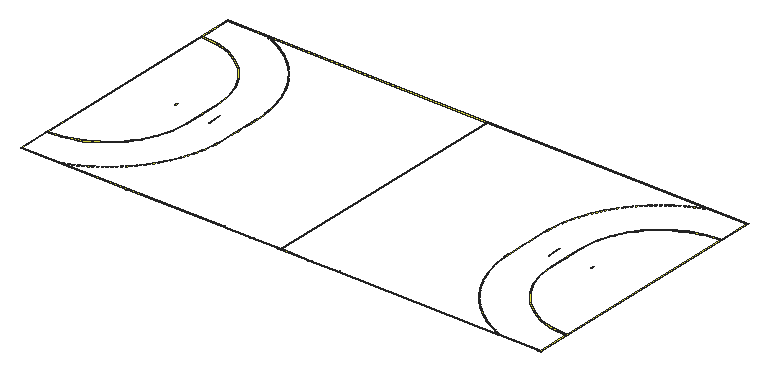
Revit family "Handboll", category Generic Models, Revit 2019
Family settings
  Can host rebar = No
  Round Connector Dimension = Use Diameter
  Part Type = Normal
  Work Plane-Based = No
  Always vertical = Yes
  Cut with Voids When Loaded = No
  Shared = No
  Room Calculation Point = No
Parameters
  URL = "www.saxi.se"
  Model = "Linjering Handboll"
  Manufacturer = "Saxi Vägg AB"
Reference planes
  plane 1 "Center (Front/Back)": y = 0
  plane 2: z = 0
  plane 3 "Center (Left/Right)": x = 0
Forms (mm)
  Extrusion 1, solid, material "handboll_linjering"
    sketch origin (-8.868, 0, 0) x (1, 0, 0) y (0, 1, 0)
      loop
        line (-20041.132, 10000) -> (-20041.132, -10000) -> (-19991.132, -10000) -> (-11760.704, -10000) -> (-2239.232, -10000) -> (-16.132, -10000) -> (33.868, -10000) -> (2256.968, -10000) -> (20008.868, -10000) -> (20058.868, -10000) -> (20058.868, 10000) -> (8.868, 10000) -> (-20041.132, 10000)
      loop
        line (-19991.132, 9950) -> (-19991.132, 7499.792)
        arc (-19991.132, 7499.792) -> (-15780.85, 5724.926) -> (-14041.132, 1500) r 6000
        line (-14041.132, 1500) -> (-14041.132, 0) -> (-14041.132, -1500)
        arc (-14041.132, -1500) -> (-15780.85, -5724.926) -> (-19991.132, -7499.792) r 6000
        line (-19991.132, -7499.792) -> (-19991.132, -9950) -> (-16814.024, -9950) -> (-16835.276, -9906.135)
        arc (-16835.276, -9906.135) -> (-16767.2, -9879.698) -> (-16699.342, -9852.707) r 8950
        line (-16699.342, -9852.707) -> (-16676.61, -9897.454)
        arc (-16676.61, -9897.454) -> (-16743.217, -9923.993) -> (-16810.033, -9950) r 9000
        line (-16810.033, -9950) -> (-11760.704, -9950) -> (-4466.132, -9950) -> (-4466.132, -9850) -> (-4416.132, -9850) -> (-4416.132, -9950) -> (-2239.232, -9950) -> (-16.132, -9950) -> (-16.132, 9950) -> (-19991.132, 9950)
      loop
        line (20008.868, 9950) -> (33.868, 9950) -> (33.868, -9950) -> (2256.968, -9950) -> (4433.868, -9950) -> (4433.868, -9850) -> (4483.868, -9850) -> (4483.868, -9950) -> (16827.769, -9950)
        arc (16827.769, -9950) -> (16760.953, -9923.993) -> (16694.347, -9897.454) r 9000
        line (16694.347, -9897.454) -> (16717.078, -9852.707)
        arc (16717.078, -9852.707) -> (16784.936, -9879.698) -> (16853.012, -9906.135) r 8950
        line (16853.012, -9906.135) -> (16831.76, -9950) -> (20008.868, -9950) -> (20008.868, -7499.792)
        arc (20008.868, -7499.792) -> (15798.587, -5724.926) -> (14058.868, -1500) r 6000
        line (14058.868, -1500) -> (14058.868, 0) -> (14058.868, 1500)
        arc (14058.868, 1500) -> (15798.587, 5724.926) -> (20008.868, 7499.792) r 6000
        line (20008.868, 7499.792) -> (20008.868, 9950)
      loop
        arc (20008.868, 7449.79) -> (15833.942, 5689.57) -> (14108.868, 1500) r 5950
        line (14108.868, 1500) -> (14108.868, 0) -> (14108.868, -1500)
        arc (14108.868, -1500) -> (15833.942, -5689.57) -> (20008.868, -7449.79) r 5950
        line (20008.868, -7449.79) -> (20008.868, 7449.79)
      loop
        line (16058.868, 75) -> (16008.868, 75) -> (16008.868, -75) -> (16058.868, -75) -> (16058.868, -25) -> (16058.868, 0) -> (16058.868, 75)
      loop
        line (13058.868, 500) -> (13058.868, 0) -> (13058.868, -500) -> (13108.868, -500) -> (13108.868, 500) -> (13058.868, 500)
      loop
        line (16853.012, 9856.135) -> (16831.134, 9901.293)
        arc (16831.134, 9901.293) -> (16762.63, 9874.653) -> (16694.347, 9847.454) r 9000
        line (16694.347, 9847.454) -> (16717.078, 9802.707)
        arc (16717.078, 9802.707) -> (16784.936, 9829.698) -> (16853.012, 9856.135) r 8950
      loop
        line (16581.842, 9746.987) -> (16558.355, 9791.345)
        arc (16558.355, 9791.345) -> (16489.27, 9761.838) -> (16420.433, 9731.755) r 9000
        line (16420.433, 9731.755) -> (16440.647, 9686.023)
        arc (16440.647, 9686.023) -> (16511.113, 9716.808) -> (16581.842, 9746.987) r 8950
      loop
        line (16303.04, 9623.808) -> (16280.548, 9668.494)
        arc (16280.548, 9668.494) -> (16208.371, 9634.72) -> (16136.496, 9600.308) r 9000
        line (16136.496, 9600.308) -> (16156.768, 9554.571)
        arc (16156.768, 9554.571) -> (16229.748, 9589.52) -> (16303.04, 9623.808) r 8950
      loop
        line (16023.053, 9488.41) -> (16002.601, 9534.096)
        arc (16002.601, 9534.096) -> (15933.956, 9499.068) -> (15865.613, 9463.455) r 9000
        line (15865.613, 9463.455) -> (15885.262, 9417.292)
        arc (15885.262, 9417.292) -> (15954.004, 9453.149) -> (16023.053, 9488.41) r 8950
      loop
        line (15757.056, 9348.37) -> (15736.56, 9394.153)
        arc (15736.56, 9394.153) -> (15672.684, 9358.841) -> (15609.097, 9323.013) r 9000
        line (15609.097, 9323.013) -> (15630.468, 9277.646)
        arc (15630.468, 9277.646) -> (15693.619, 9313.264) -> (15757.056, 9348.37) r 8950
      loop
        line (15508.469, 9206.904) -> (15485.656, 9251.499)
        arc (15485.656, 9251.499) -> (15421.288, 9213.161) -> (15357.242, 9174.289) r 9000
        line (15357.242, 9174.289) -> (15380.174, 9129.7)
        arc (15380.174, 9129.7) -> (15444.16, 9168.57) -> (15508.469, 9206.904) r 8950
      loop
        line (15265.041, 9057.891) -> (15239.961, 9101.193)
        arc (15239.961, 9101.193) -> (15174.474, 9059.279) -> (15109.352, 9016.801) r 9000
        line (15109.352, 9016.801) -> (15133.493, 8972.83)
        arc (15133.493, 8972.83) -> (15199.081, 9015.648) -> (15265.041, 9057.891) r 8950
      loop
        line (15018.501, 8895.756) -> (14990.343, 8937.073)
        arc (14990.343, 8937.073) -> (14929.769, 8895.427) -> (14869.538, 8853.289) r 9000
        line (14869.538, 8853.289) -> (14895.51, 8810.419)
        arc (14895.51, 8810.419) -> (14956.827, 8853.344) -> (15018.501, 8895.756) r 8950
      loop
        line (14784.808, 8730.961) -> (14756.901, 8772.492)
        arc (14756.901, 8772.492) -> (14700.782, 8731.246) -> (14644.985, 8689.566) r 9000
        line (14644.985, 8689.566) -> (14674.693, 8649.347)
        arc (14674.693, 8649.347) -> (14729.595, 8690.365) -> (14784.808, 8730.961) r 8950
      loop
        line (14559.88, 8561.418) -> (14529.434, 8601.081)
        arc (14529.434, 8601.081) -> (14472.757, 8556.583) -> (14416.438, 8511.632) r 9000
        line (14416.438, 8511.632) -> (14447.785, 8472.679)
        arc (14447.785, 8472.679) -> (14503.655, 8517.272) -> (14559.88, 8561.418) r 8950
      loop
        line (14333.728, 8379.336) -> (14301.998, 8417.98)
        arc (14301.998, 8417.98) -> (14244.252, 8369.515) -> (14186.913, 8320.568) r 9000
        line (14186.913, 8320.568) -> (14218.533, 8281.812)
        arc (14218.533, 8281.812) -> (14275.925, 8330.817) -> (14333.728, 8379.336) r 8950
      loop
        line (14111.232, 8187.909) -> (14078.005, 8225.271)
        arc (14078.005, 8225.271) -> (14024.77, 8177.549) -> (13971.916, 8129.406) r 9000
        line (13971.916, 8129.406) -> (14005.38, 8092.251)
        arc (14005.38, 8092.251) -> (14058.115, 8140.291) -> (14111.232, 8187.909) r 8950
      loop
        arc (13862.212, 8026.978) -> (13809.51, 7976.536) -> (13757.218, 7925.668) r 9000
        line (13757.218, 7925.668) -> (13791.275, 7889.035)
        arc (13791.275, 7889.035) -> (13843.271, 7939.631) -> (13895.676, 7989.804) r 8950
        line (13895.676, 7989.804) -> (13862.212, 8026.978)
      loop
        arc (13653.899, 7822.687) -> (13602.563, 7770.257) -> (13551.657, 7717.411) r 9000
        line (13551.657, 7717.411) -> (13586.742, 7681.754)
        arc (13586.742, 7681.754) -> (13637.425, 7734.386) -> (13688.537, 7786.603) r 8950
        line (13688.537, 7786.603) -> (13653.899, 7822.687)
      loop
        arc (13454.505, 7614.113) -> (13406.336, 7561.668) -> (13358.585, 7508.843) r 9000
        line (13358.585, 7508.843) -> (13395.641, 7475.274)
        arc (13395.641, 7475.274) -> (13442.935, 7527.597) -> (13490.639, 7579.545) r 8950
        line (13490.639, 7579.545) -> (13454.505, 7614.113)
      loop
        line (13298.933, 7365.643) -> (13261.498, 7398.792)
        arc (13261.498, 7398.792) -> (13215.322, 7345.158) -> (13169.57, 7291.163) r 9000
        line (13169.57, 7291.163) -> (13207.959, 7259.127)
        arc (13207.959, 7259.127) -> (13253.238, 7312.563) -> (13298.933, 7365.643) r 8950
      loop
        arc (13075.346, 7177.184) -> (13029.437, 7120.24) -> (12983.993, 7062.925) r 9000
        line (12983.993, 7062.925) -> (13023.298, 7032.02)
        arc (13023.298, 7032.02) -> (13068.403, 7088.909) -> (13113.969, 7145.429) r 8950
        line (13113.969, 7145.429) -> (13075.346, 7177.184)
      loop
        arc (12894.421, 6947.081) -> (12851.479, 6890.134) -> (12808.99, 6832.847) r 9000
        line (12808.99, 6832.847) -> (12849.121, 6803.022)
        arc (12849.121, 6803.022) -> (12891.245, 6859.82) -> (12933.816, 6916.284) r 8950
        line (12933.816, 6916.284) -> (12894.421, 6947.081)
      loop
        arc (12724.884, 6716.577) -> (12687.608, 6663.77) -> (12650.713, 6610.698) r 9000
        line (12650.713, 6610.698) -> (12693.431, 6584.569)
        arc (12693.431, 6584.569) -> (12729.349, 6636.209) -> (12765.628, 6687.596) r 8950
        line (12765.628, 6687.596) -> (12724.884, 6716.577)
      loop
        arc (12573.264, 6496.572) -> (12535.833, 6440.034) -> (12498.829, 6383.216) r 9000
        line (12498.829, 6383.216) -> (12543.773, 6360.642)
        arc (12543.773, 6360.642) -> (12579.116, 6414.856) -> (12614.851, 6468.814) r 8950
        line (12614.851, 6468.814) -> (12573.264, 6496.572)
      loop
        arc (12425.694, 6268.087) -> (12390.651, 6211.523) -> (12356.027, 6154.701) r 9000
        line (12356.027, 6154.701) -> (12403.219, 6136.111)
        arc (12403.219, 6136.111) -> (12435.477, 6188.966) -> (12468.1, 6241.597) r 8950
        line (12468.1, 6241.597) -> (12425.694, 6268.087)
      loop
        arc (12287.512, 6039.385) -> (12252.285, 5978.533) -> (12217.534, 5917.407) r 9000
        line (12217.534, 5917.407) -> (12266.198, 5901.908)
        arc (12266.198, 5901.908) -> (12300.704, 5962.443) -> (12335.681, 6022.707) r 8950
        line (12335.681, 6022.707) -> (12287.512, 6039.385)
      loop
        arc (12147.996, 5791.631) -> (12114.919, 5730.091) -> (12082.321, 5668.297) r 9000
        line (12082.321, 5668.297) -> (12131.598, 5654.623)
        arc (12131.598, 5654.623) -> (12163.993, 5715.856) -> (12196.86, 5776.836) r 8950
        line (12196.86, 5776.836) -> (12147.996, 5791.631)
      loop
        arc (12020.749, 5548.289) -> (11986.669, 5479.899) -> (11953.17, 5411.223) r 9000
        line (11953.17, 5411.223) -> (12002.728, 5398.859)
        arc (12002.728, 5398.859) -> (12036.507, 5467.899) -> (12070.878, 5536.646) r 8950
        line (12070.878, 5536.646) -> (12020.749, 5548.289)
      loop
        arc (11887.518, 5272.14) -> (11856.378, 5203.938) -> (11825.807, 5135.479) r 9000
        line (11825.807, 5135.479) -> (11875.197, 5123.537)
        arc (11875.197, 5123.537) -> (11905.891, 5192.081) -> (11937.159, 5260.365) r 8950
        line (11937.159, 5260.365) -> (11887.518, 5272.14)
      loop
        arc (11762.756, 4989.201) -> (11734.058, 4920.166) -> (11705.935, 4850.896) r 9000
        line (11705.935, 4850.896) -> (11755.252, 4839.531)
        arc (11755.252, 4839.531) -> (11781.793, 4904.779) -> (11808.846, 4969.816) r 8950
        line (11808.846, 4969.816) -> (11762.756, 4989.201)
      loop
        arc (11652.092, 4713.428) -> (11626.127, 4644.659) -> (11600.725, 4575.68) r 9000
        line (11600.725, 4575.68) -> (11649.77, 4564.241)
        arc (11649.77, 4564.241) -> (11674.026, 4630.004) -> (11698.797, 4695.575) r 8950
        line (11698.797, 4695.575) -> (11652.092, 4713.428)
      loop
        arc (11548.936, 4429.344) -> (11524.972, 4358.78) -> (11501.594, 4288.019) r 9000
        line (11501.594, 4288.019) -> (11550.605, 4277.042)
        arc (11550.605, 4277.042) -> (11574.031, 4347.814) -> (11598.046, 4418.388) r 8950
        line (11598.046, 4418.388) -> (11548.936, 4429.344)
      loop
        arc (11452.952, 4134.046) -> (11431.509, 4062.942) -> (11410.654, 3991.664) r 9000
        line (11410.654, 3991.664) -> (11459.83, 3981.742)
        arc (11459.83, 3981.742) -> (11480.721, 4053.015) -> (11502.202, 4124.112) r 8950
        line (11502.202, 4124.112) -> (11452.952, 4134.046)
      loop
        line (11417.297, 3829.322) -> (11369.02, 3842.335)
        arc (11369.02, 3842.335) -> (11350.136, 3771.121) -> (11331.837, 3699.754) r 9000
        line (11331.837, 3699.754) -> (11381.002, 3690.238)
        arc (11381.002, 3690.238) -> (11398.87, 3759.852) -> (11417.297, 3829.322) r 8950
      loop
        arc (11295.305, 3549.38) -> (11278.848, 3477.686) -> (11262.977, 3405.86) r 9000
        line (11262.977, 3405.86) -> (11312.202, 3396.928)
        arc (11312.202, 3396.928) -> (11327.812, 3467.525) -> (11343.991, 3537.994) r 8950
        line (11343.991, 3537.994) -> (11295.305, 3549.38)
      loop
        line (11279.755, 3240.594) -> (11230.363, 3248.571)
        arc (11230.363, 3248.571) -> (11216.069, 3174.785) -> (11202.392, 3100.883) r 9000
        line (11202.392, 3100.883) -> (11251.735, 3092.766)
        arc (11251.735, 3092.766) -> (11265.434, 3166.739) -> (11279.755, 3240.594) r 8950
      loop
        arc (11174.658, 2939.028) -> (11162.837, 2864.045) -> (11151.648, 2788.965) r 9000
        line (11151.648, 2788.965) -> (11201.134, 2781.816)
        arc (11201.134, 2781.816) -> (11212.355, 2857.094) -> (11224.215, 2932.273) r 8950
        line (11224.215, 2932.273) -> (11174.658, 2939.028)
      loop
        arc (11129.613, 2626.234) -> (11120.763, 2553.699) -> (11112.503, 2481.096) r 9000
        line (11112.503, 2481.096) -> (11162.222, 2475.803)
        arc (11162.222, 2475.803) -> (11170.467, 2548.244) -> (11179.301, 2620.615) r 8950
        line (11179.301, 2620.615) -> (11129.613, 2626.234)
      loop
        arc (11095.797, 2314.467) -> (11089.472, 2241.576) -> (11083.74, 2168.637) r 9000
        line (11083.74, 2168.637) -> (11133.697, 2166.19)
        arc (11133.697, 2166.19) -> (11139.408, 2238.733) -> (11145.709, 2311.227) r 8950
        line (11145.709, 2311.227) -> (11095.797, 2314.467)
      loop
        arc (11073.493, 2012.868) -> (11069.768, 1942.812) -> (11066.59, 1872.729) r 9000
        line (11066.59, 1872.729) -> (11116.633, 1872.729)
        arc (11116.633, 1872.729) -> (11119.759, 1941.387) -> (11123.412, 2010.019) r 8950
        line (11123.412, 2010.019) -> (11073.493, 2012.868)
      loop
        arc (11061.681, 1725) -> (11060.118, 1650.005) -> (11059.181, 1575) r 9000
        line (11059.181, 1575) -> (11109.183, 1575)
        arc (11109.183, 1575) -> (11110.125, 1650.005) -> (11111.697, 1725) r 8950
        line (11111.697, 1725) -> (11061.681, 1725)
      loop
        line (11058.868, 1425) -> (11058.868, 1275) -> (11108.868, 1275) -> (11108.868, 1425) -> (11058.868, 1425)
      loop
        line (11058.868, 1125) -> (11058.868, 975) -> (11108.868, 975) -> (11108.868, 1125) -> (11058.868, 1125)
      loop
        line (11108.868, 675) -> (11108.868, 825) -> (11058.868, 825) -> (11058.868, 675) -> (11108.868, 675)
      loop
        line (11058.868, 525) -> (11058.868, 375) -> (11108.868, 375) -> (11108.868, 525) -> (11058.868, 525)
      loop
        line (11058.868, 225) -> (11058.868, 75) -> (11108.868, 75) -> (11108.868, 225) -> (11058.868, 225)
      loop
        line (11058.868, -125) -> (11058.868, -275) -> (11108.868, -275) -> (11108.868, -125) -> (11058.868, -125)
      loop
        line (11058.868, -425) -> (11058.868, -575) -> (11108.868, -575) -> (11108.868, -425) -> (11058.868, -425)
      loop
        line (11058.868, -725) -> (11058.868, -875) -> (11108.868, -875) -> (11108.868, -725) -> (11058.868, -725)
      loop
        line (11108.868, -1025) -> (11058.868, -1025) -> (11058.868, -1175) -> (11108.868, -1175) -> (11108.868, -1025)
      loop
        line (11058.868, -1325) -> (11058.868, -1475) -> (11108.868, -1475) -> (11108.868, -1325) -> (11058.868, -1325)
      loop
        arc (11059.181, -1625) -> (11060.118, -1700.005) -> (11061.681, -1775) r 9000
        line (11061.681, -1775) -> (11111.697, -1775)
        arc (11111.697, -1775) -> (11110.125, -1700.005) -> (11109.183, -1625) r 8950
        line (11109.183, -1625) -> (11059.181, -1625)
      loop
        arc (11066.59, -1922.729) -> (11069.768, -1992.812) -> (11073.493, -2062.868) r 9000
        line (11073.493, -2062.868) -> (11123.412, -2060.019)
        arc (11123.412, -2060.019) -> (11119.759, -1991.387) -> (11116.633, -1922.729) r 8950
        line (11116.633, -1922.729) -> (11066.59, -1922.729)
      loop
        arc (11083.74, -2218.637) -> (11089.472, -2291.576) -> (11095.797, -2364.467) r 9000
        line (11095.797, -2364.467) -> (11145.709, -2361.227)
        arc (11145.709, -2361.227) -> (11139.408, -2288.733) -> (11133.697, -2216.19) r 8950
        line (11133.697, -2216.19) -> (11083.74, -2218.637)
      loop
        arc (11112.503, -2531.096) -> (11120.763, -2603.699) -> (11129.613, -2676.234) r 9000
        line (11129.613, -2676.234) -> (11179.301, -2670.615)
        arc (11179.301, -2670.615) -> (11170.467, -2598.244) -> (11162.222, -2525.803) r 8950
        line (11162.222, -2525.803) -> (11112.503, -2531.096)
      loop
        arc (11151.648, -2838.965) -> (11162.837, -2914.045) -> (11174.658, -2989.028) r 9000
        line (11174.658, -2989.028) -> (11224.215, -2982.273)
        arc (11224.215, -2982.273) -> (11212.355, -2907.094) -> (11201.134, -2831.816) r 8950
        line (11201.134, -2831.816) -> (11151.648, -2838.965)
      loop
        arc (11202.392, -3150.883) -> (11216.069, -3224.785) -> (11230.363, -3298.571) r 9000
        line (11230.363, -3298.571) -> (11279.755, -3290.594)
        arc (11279.755, -3290.594) -> (11265.434, -3216.739) -> (11251.735, -3142.766) r 8950
        line (11251.735, -3142.766) -> (11202.392, -3150.883)
      loop
        line (11312.202, -3446.928) -> (11262.977, -3455.86)
        arc (11262.977, -3455.86) -> (11278.848, -3527.686) -> (11295.305, -3599.38) r 9000
        line (11295.305, -3599.38) -> (11343.991, -3587.994)
        arc (11343.991, -3587.994) -> (11327.812, -3517.525) -> (11312.202, -3446.928) r 8950
      loop
        line (11381.002, -3740.238) -> (11331.837, -3749.754)
        arc (11331.837, -3749.754) -> (11350.136, -3821.121) -> (11369.02, -3892.335) r 9000
        line (11369.02, -3892.335) -> (11417.297, -3879.322)
        arc (11417.297, -3879.322) -> (11398.87, -3809.852) -> (11381.002, -3740.238) r 8950
      loop
        arc (11410.654, -4041.664) -> (11431.509, -4112.942) -> (11452.952, -4184.046) r 9000
        line (11452.952, -4184.046) -> (11502.202, -4174.112)
        arc (11502.202, -4174.112) -> (11480.721, -4103.015) -> (11459.83, -4031.742) r 8950
        line (11459.83, -4031.742) -> (11410.654, -4041.664)
      loop
        arc (11501.594, -4338.019) -> (11524.972, -4408.78) -> (11548.936, -4479.344) r 9000
        line (11548.936, -4479.344) -> (11598.046, -4468.388)
        arc (11598.046, -4468.388) -> (11574.031, -4397.814) -> (11550.605, -4327.042) r 8950
        line (11550.605, -4327.042) -> (11501.594, -4338.019)
      loop
        arc (11600.725, -4625.68) -> (11626.127, -4694.659) -> (11652.092, -4763.428) r 9000
        line (11652.092, -4763.428) -> (11698.797, -4745.575)
        arc (11698.797, -4745.575) -> (11674.026, -4680.004) -> (11649.77, -4614.241) r 8950
        line (11649.77, -4614.241) -> (11600.725, -4625.68)
      loop
        arc (11705.935, -4900.896) -> (11734.058, -4970.166) -> (11762.756, -5039.201) r 9000
        line (11762.756, -5039.201) -> (11808.846, -5019.816)
        arc (11808.846, -5019.816) -> (11781.793, -4954.779) -> (11755.252, -4889.531) r 8950
        line (11755.252, -4889.531) -> (11705.935, -4900.896)
      loop
        arc (11825.807, -5185.479) -> (11856.378, -5253.938) -> (11887.518, -5322.14) r 9000
        line (11887.518, -5322.14) -> (11937.159, -5310.365)
        arc (11937.159, -5310.365) -> (11905.891, -5242.081) -> (11875.197, -5173.537) r 8950
        line (11875.197, -5173.537) -> (11825.807, -5185.479)
      loop
        arc (11953.17, -5461.223) -> (11986.669, -5529.899) -> (12020.749, -5598.289) r 9000
        line (12020.749, -5598.289) -> (12070.878, -5586.646)
        arc (12070.878, -5586.646) -> (12036.507, -5517.899) -> (12002.728, -5448.859) r 8950
        line (12002.728, -5448.859) -> (11953.17, -5461.223)
      loop
        arc (12082.321, -5718.297) -> (12114.919, -5780.091) -> (12147.996, -5841.631) r 9000
        line (12147.996, -5841.631) -> (12196.86, -5826.836)
        arc (12196.86, -5826.836) -> (12163.993, -5765.856) -> (12131.598, -5704.623) r 8950
        line (12131.598, -5704.623) -> (12082.321, -5718.297)
      loop
        arc (12217.534, -5967.407) -> (12252.285, -6028.533) -> (12287.512, -6089.385) r 9000
        line (12287.512, -6089.385) -> (12335.681, -6072.707)
        arc (12335.681, -6072.707) -> (12300.704, -6012.443) -> (12266.198, -5951.908) r 8950
        line (12266.198, -5951.908) -> (12217.534, -5967.407)
      loop
        arc (12356.027, -6204.701) -> (12390.651, -6261.523) -> (12425.694, -6318.087) r 9000
        line (12425.694, -6318.087) -> (12468.1, -6291.597)
        arc (12468.1, -6291.597) -> (12435.477, -6238.966) -> (12403.219, -6186.111) r 8950
        line (12403.219, -6186.111) -> (12356.027, -6204.701)
      loop
        arc (12498.829, -6433.216) -> (12535.833, -6490.034) -> (12573.264, -6546.572) r 9000
        line (12573.264, -6546.572) -> (12614.851, -6518.814)
        arc (12614.851, -6518.814) -> (12579.116, -6464.856) -> (12543.773, -6410.642) r 8950
        line (12543.773, -6410.642) -> (12498.829, -6433.216)
      loop
        arc (12650.713, -6660.698) -> (12687.608, -6713.77) -> (12724.884, -6766.577) r 9000
        line (12724.884, -6766.577) -> (12765.628, -6737.596)
        arc (12765.628, -6737.596) -> (12729.349, -6686.209) -> (12693.431, -6634.569) r 8950
        line (12693.431, -6634.569) -> (12650.713, -6660.698)
      loop
        arc (12808.99, -6882.847) -> (12851.479, -6940.134) -> (12894.421, -6997.081) r 9000
        line (12894.421, -6997.081) -> (12933.816, -6966.284)
        arc (12933.816, -6966.284) -> (12891.245, -6909.82) -> (12849.121, -6853.022) r 8950
        line (12849.121, -6853.022) -> (12808.99, -6882.847)
      loop
        arc (12983.993, -7112.925) -> (13029.437, -7170.24) -> (13075.346, -7227.184) r 9000
        line (13075.346, -7227.184) -> (13113.969, -7195.429)
        arc (13113.969, -7195.429) -> (13068.403, -7138.909) -> (13023.298, -7082.02) r 8950
        line (13023.298, -7082.02) -> (12983.993, -7112.925)
      loop
        arc (13169.57, -7341.163) -> (13215.322, -7395.158) -> (13261.498, -7448.792) r 9000
        line (13261.498, -7448.792) -> (13298.933, -7415.643)
        arc (13298.933, -7415.643) -> (13253.238, -7362.563) -> (13207.959, -7309.127) r 8950
        line (13207.959, -7309.127) -> (13169.57, -7341.163)
      loop
        arc (13358.585, -7558.843) -> (13406.336, -7611.668) -> (13454.505, -7664.113) r 9000
        line (13454.505, -7664.113) -> (13490.639, -7629.545)
        arc (13490.639, -7629.545) -> (13442.935, -7577.597) -> (13395.641, -7525.274) r 8950
        line (13395.641, -7525.274) -> (13358.585, -7558.843)
      loop
        arc (13551.657, -7767.411) -> (13602.563, -7820.257) -> (13653.899, -7872.687) r 9000
        line (13653.899, -7872.687) -> (13688.537, -7836.603)
        arc (13688.537, -7836.603) -> (13637.425, -7784.386) -> (13586.742, -7731.754) r 8950
        line (13586.742, -7731.754) -> (13551.657, -7767.411)
      loop
        arc (13757.218, -7975.668) -> (13809.51, -8026.536) -> (13862.212, -8076.978) r 9000
        line (13862.212, -8076.978) -> (13895.676, -8039.804)
        arc (13895.676, -8039.804) -> (13843.271, -7989.631) -> (13791.275, -7939.035) r 8950
        line (13791.275, -7939.035) -> (13757.218, -7975.668)
      loop
        line (14005.38, -8142.251) -> (13971.916, -8179.406)
        arc (13971.916, -8179.406) -> (14024.77, -8227.549) -> (14078.005, -8275.271) r 9000
        line (14078.005, -8275.271) -> (14111.232, -8237.909)
        arc (14111.232, -8237.909) -> (14058.115, -8190.291) -> (14005.38, -8142.251) r 8950
      loop
        line (14218.533, -8331.812) -> (14186.913, -8370.568)
        arc (14186.913, -8370.568) -> (14244.252, -8419.515) -> (14301.998, -8467.98) r 9000
        line (14301.998, -8467.98) -> (14333.728, -8429.336)
        arc (14333.728, -8429.336) -> (14275.925, -8380.817) -> (14218.533, -8331.812) r 8950
      loop
        line (14447.785, -8522.679) -> (14416.438, -8561.632)
        arc (14416.438, -8561.632) -> (14472.757, -8606.583) -> (14529.434, -8651.081) r 9000
        line (14529.434, -8651.081) -> (14559.88, -8611.418)
        arc (14559.88, -8611.418) -> (14503.655, -8567.272) -> (14447.785, -8522.679) r 8950
      loop
        line (14674.693, -8699.347) -> (14644.985, -8739.566)
        arc (14644.985, -8739.566) -> (14700.782, -8781.246) -> (14756.901, -8822.492) r 9000
        line (14756.901, -8822.492) -> (14784.808, -8780.961)
        arc (14784.808, -8780.961) -> (14729.595, -8740.365) -> (14674.693, -8699.347) r 8950
      loop
        line (14895.51, -8860.419) -> (14869.538, -8903.289)
        arc (14869.538, -8903.289) -> (14929.769, -8945.427) -> (14990.343, -8987.073) r 9000
        line (14990.343, -8987.073) -> (15018.501, -8945.756)
        arc (15018.501, -8945.756) -> (14956.827, -8903.344) -> (14895.51, -8860.419) r 8950
      loop
        line (15133.493, -9022.83) -> (15109.352, -9066.801)
        arc (15109.352, -9066.801) -> (15174.474, -9109.279) -> (15239.961, -9151.193) r 9000
        line (15239.961, -9151.193) -> (15265.041, -9107.891)
        arc (15265.041, -9107.891) -> (15199.081, -9065.648) -> (15133.493, -9022.83) r 8950
      loop
        line (15380.174, -9179.7) -> (15357.242, -9224.289)
        arc (15357.242, -9224.289) -> (15421.288, -9263.161) -> (15485.656, -9301.499) r 9000
        line (15485.656, -9301.499) -> (15508.469, -9256.904)
        arc (15508.469, -9256.904) -> (15444.16, -9218.57) -> (15380.174, -9179.7) r 8950
      loop
        line (15630.468, -9327.646) -> (15609.097, -9373.013)
        arc (15609.097, -9373.013) -> (15672.684, -9408.841) -> (15736.56, -9444.153) r 9000
        line (15736.56, -9444.153) -> (15757.056, -9398.37)
        arc (15757.056, -9398.37) -> (15693.619, -9363.264) -> (15630.468, -9327.646) r 8950
      loop
        line (15885.262, -9467.292) -> (15865.613, -9513.455)
        arc (15865.613, -9513.455) -> (15933.956, -9549.068) -> (16002.601, -9584.096) r 9000
        line (16002.601, -9584.096) -> (16023.053, -9538.41)
        arc (16023.053, -9538.41) -> (15954.004, -9503.149) -> (15885.262, -9467.292) r 8950
      loop
        line (16156.768, -9604.571) -> (16136.496, -9650.308)
        arc (16136.496, -9650.308) -> (16208.371, -9684.72) -> (16280.548, -9718.494) r 9000
        line (16280.548, -9718.494) -> (16303.04, -9673.808)
        arc (16303.04, -9673.808) -> (16229.748, -9639.52) -> (16156.768, -9604.571) r 8950
      loop
        line (16440.647, -9736.023) -> (16420.433, -9781.755)
        arc (16420.433, -9781.755) -> (16489.27, -9811.838) -> (16558.355, -9841.345) r 9000
        line (16558.355, -9841.345) -> (16581.842, -9796.987)
        arc (16581.842, -9796.987) -> (16511.113, -9766.808) -> (16440.647, -9736.023) r 8950
      loop
        line (-19991.132, 7449.79) -> (-19991.132, -7449.79)
        arc (-19991.132, -7449.79) -> (-15816.206, -5689.57) -> (-14091.132, -1500) r 5950
        line (-14091.132, -1500) -> (-14091.132, 0) -> (-14091.132, 1500)
        arc (-14091.132, 1500) -> (-15816.206, 5689.57) -> (-19991.132, 7449.79) r 5950
      loop
        line (-16041.132, 75) -> (-16041.132, 0) -> (-16041.132, -25) -> (-16041.132, -75) -> (-15991.132, -75) -> (-15991.132, 75) -> (-16041.132, 75)
      loop
        line (-13041.132, 500) -> (-13091.132, 500) -> (-13091.132, -500) -> (-13041.132, -500) -> (-13041.132, 0) -> (-13041.132, 500)
      loop
        arc (-16835.276, 9856.135) -> (-16767.2, 9829.698) -> (-16699.342, 9802.707) r 8950
        line (-16699.342, 9802.707) -> (-16676.61, 9847.454)
        arc (-16676.61, 9847.454) -> (-16744.894, 9874.653) -> (-16813.397, 9901.293) r 9000
        line (-16813.397, 9901.293) -> (-16835.276, 9856.135)
      loop
        arc (-16564.106, 9746.987) -> (-16493.377, 9716.808) -> (-16422.91, 9686.023) r 8950
        line (-16422.91, 9686.023) -> (-16402.697, 9731.755)
        arc (-16402.697, 9731.755) -> (-16471.533, 9761.838) -> (-16540.618, 9791.345) r 9000
        line (-16540.618, 9791.345) -> (-16564.106, 9746.987)
      loop
        arc (-16285.304, 9623.808) -> (-16212.011, 9589.52) -> (-16139.032, 9554.571) r 8950
        line (-16139.032, 9554.571) -> (-16118.759, 9600.308)
        arc (-16118.759, 9600.308) -> (-16190.634, 9634.72) -> (-16262.811, 9668.494) r 9000
        line (-16262.811, 9668.494) -> (-16285.304, 9623.808)
      loop
        arc (-16005.317, 9488.41) -> (-15936.267, 9453.149) -> (-15867.525, 9417.292) r 8950
        line (-15867.525, 9417.292) -> (-15847.877, 9463.455)
        arc (-15847.877, 9463.455) -> (-15916.219, 9499.068) -> (-15984.864, 9534.096) r 9000
        line (-15984.864, 9534.096) -> (-16005.317, 9488.41)
      loop
        arc (-15739.319, 9348.37) -> (-15675.882, 9313.264) -> (-15612.732, 9277.646) r 8950
        line (-15612.732, 9277.646) -> (-15591.361, 9323.013)
        arc (-15591.361, 9323.013) -> (-15654.948, 9358.841) -> (-15718.823, 9394.153) r 9000
        line (-15718.823, 9394.153) -> (-15739.319, 9348.37)
      loop
        arc (-15490.732, 9206.904) -> (-15426.424, 9168.57) -> (-15362.438, 9129.7) r 8950
        line (-15362.438, 9129.7) -> (-15339.505, 9174.289)
        arc (-15339.505, 9174.289) -> (-15403.552, 9213.161) -> (-15467.92, 9251.499) r 9000
        line (-15467.92, 9251.499) -> (-15490.732, 9206.904)
      loop
        arc (-15247.304, 9057.891) -> (-15181.345, 9015.648) -> (-15115.757, 8972.83) r 8950
        line (-15115.757, 8972.83) -> (-15091.616, 9016.801)
        arc (-15091.616, 9016.801) -> (-15156.738, 9059.279) -> (-15222.225, 9101.193) r 9000
        line (-15222.225, 9101.193) -> (-15247.304, 9057.891)
      loop
        arc (-15000.765, 8895.756) -> (-14939.091, 8853.344) -> (-14877.773, 8810.419) r 8950
        line (-14877.773, 8810.419) -> (-14851.802, 8853.289)
        arc (-14851.802, 8853.289) -> (-14912.033, 8895.427) -> (-14972.606, 8937.073) r 9000
        line (-14972.606, 8937.073) -> (-15000.765, 8895.756)
      loop
        arc (-14767.072, 8730.961) -> (-14711.858, 8690.365) -> (-14656.957, 8649.347) r 8950
        line (-14656.957, 8649.347) -> (-14627.248, 8689.566)
        arc (-14627.248, 8689.566) -> (-14683.046, 8731.246) -> (-14739.164, 8772.492) r 9000
        line (-14739.164, 8772.492) -> (-14767.072, 8730.961)
      loop
        arc (-14542.143, 8561.418) -> (-14485.919, 8517.272) -> (-14430.049, 8472.679) r 8950
        line (-14430.049, 8472.679) -> (-14398.702, 8511.632)
        arc (-14398.702, 8511.632) -> (-14455.02, 8556.583) -> (-14511.697, 8601.081) r 9000
        line (-14511.697, 8601.081) -> (-14542.143, 8561.418)
      loop
        arc (-14315.991, 8379.336) -> (-14258.188, 8330.817) -> (-14200.796, 8281.812) r 8950
        line (-14200.796, 8281.812) -> (-14169.177, 8320.568)
        arc (-14169.177, 8320.568) -> (-14226.515, 8369.515) -> (-14284.262, 8417.98) r 9000
        line (-14284.262, 8417.98) -> (-14315.991, 8379.336)
      loop
        arc (-14093.495, 8187.909) -> (-14040.379, 8140.291) -> (-13987.643, 8092.251) r 8950
        line (-13987.643, 8092.251) -> (-13954.18, 8129.406)
        arc (-13954.18, 8129.406) -> (-14007.034, 8177.549) -> (-14060.268, 8225.271) r 9000
        line (-14060.268, 8225.271) -> (-14093.495, 8187.909)
      loop
        line (-13844.475, 8026.978) -> (-13877.939, 7989.804)
        arc (-13877.939, 7989.804) -> (-13825.535, 7939.631) -> (-13773.538, 7889.035) r 8950
        line (-13773.538, 7889.035) -> (-13739.482, 7925.668)
        arc (-13739.482, 7925.668) -> (-13791.773, 7976.536) -> (-13844.475, 8026.978) r 9000
      loop
        line (-13636.162, 7822.687) -> (-13670.8, 7786.603)
        arc (-13670.8, 7786.603) -> (-13619.689, 7734.386) -> (-13569.005, 7681.754) r 8950
        line (-13569.005, 7681.754) -> (-13533.921, 7717.411)
        arc (-13533.921, 7717.411) -> (-13584.827, 7770.257) -> (-13636.162, 7822.687) r 9000
      loop
        line (-13436.768, 7614.113) -> (-13472.903, 7579.545)
        arc (-13472.903, 7579.545) -> (-13425.198, 7527.597) -> (-13377.904, 7475.274) r 8950
        line (-13377.904, 7475.274) -> (-13340.848, 7508.843)
        arc (-13340.848, 7508.843) -> (-13388.6, 7561.668) -> (-13436.768, 7614.113) r 9000
      loop
        arc (-13281.196, 7365.643) -> (-13235.501, 7312.563) -> (-13190.223, 7259.127) r 8950
        line (-13190.223, 7259.127) -> (-13151.833, 7291.163)
        arc (-13151.833, 7291.163) -> (-13197.586, 7345.158) -> (-13243.761, 7398.792) r 9000
        line (-13243.761, 7398.792) -> (-13281.196, 7365.643)
      loop
        line (-13057.61, 7177.184) -> (-13096.232, 7145.429)
        arc (-13096.232, 7145.429) -> (-13050.667, 7088.909) -> (-13005.561, 7032.02) r 8950
        line (-13005.561, 7032.02) -> (-12966.256, 7062.925)
        arc (-12966.256, 7062.925) -> (-13011.701, 7120.24) -> (-13057.61, 7177.184) r 9000
      loop
        line (-12876.685, 6947.081) -> (-12916.08, 6916.284)
        arc (-12916.08, 6916.284) -> (-12873.508, 6859.82) -> (-12831.384, 6803.022) r 8950
        line (-12831.384, 6803.022) -> (-12791.253, 6832.847)
        arc (-12791.253, 6832.847) -> (-12833.742, 6890.134) -> (-12876.685, 6947.081) r 9000
      loop
        line (-12707.147, 6716.577) -> (-12747.892, 6687.596)
        arc (-12747.892, 6687.596) -> (-12711.612, 6636.209) -> (-12675.695, 6584.569) r 8950
        line (-12675.695, 6584.569) -> (-12632.976, 6610.698)
        arc (-12632.976, 6610.698) -> (-12669.872, 6663.77) -> (-12707.147, 6716.577) r 9000
      loop
        line (-12555.528, 6496.572) -> (-12597.115, 6468.814)
        arc (-12597.115, 6468.814) -> (-12561.38, 6414.856) -> (-12526.036, 6360.642) r 8950
        line (-12526.036, 6360.642) -> (-12481.092, 6383.216)
        arc (-12481.092, 6383.216) -> (-12518.096, 6440.034) -> (-12555.528, 6496.572) r 9000
      loop
        line (-12407.957, 6268.087) -> (-12450.364, 6241.597)
        arc (-12450.364, 6241.597) -> (-12417.741, 6188.966) -> (-12385.482, 6136.111) r 8950
        line (-12385.482, 6136.111) -> (-12338.291, 6154.701)
        arc (-12338.291, 6154.701) -> (-12372.915, 6211.523) -> (-12407.957, 6268.087) r 9000
      loop
        line (-12269.775, 6039.385) -> (-12317.944, 6022.707)
        arc (-12317.944, 6022.707) -> (-12282.968, 5962.443) -> (-12248.462, 5901.908) r 8950
        line (-12248.462, 5901.908) -> (-12199.798, 5917.407)
        arc (-12199.798, 5917.407) -> (-12234.548, 5978.533) -> (-12269.775, 6039.385) r 9000
      loop
        line (-12130.259, 5791.631) -> (-12179.123, 5776.836)
        arc (-12179.123, 5776.836) -> (-12146.256, 5715.856) -> (-12113.862, 5654.623) r 8950
        line (-12113.862, 5654.623) -> (-12064.585, 5668.297)
        arc (-12064.585, 5668.297) -> (-12097.183, 5730.091) -> (-12130.259, 5791.631) r 9000
      loop
        line (-12003.013, 5548.289) -> (-12053.141, 5536.646)
        arc (-12053.141, 5536.646) -> (-12018.771, 5467.899) -> (-11984.991, 5398.859) r 8950
        line (-11984.991, 5398.859) -> (-11935.434, 5411.223)
        arc (-11935.434, 5411.223) -> (-11968.932, 5479.899) -> (-12003.013, 5548.289) r 9000
      loop
        line (-11869.782, 5272.14) -> (-11919.423, 5260.365)
        arc (-11919.423, 5260.365) -> (-11888.154, 5192.081) -> (-11857.46, 5123.537) r 8950
        line (-11857.46, 5123.537) -> (-11808.071, 5135.479)
        arc (-11808.071, 5135.479) -> (-11838.642, 5203.938) -> (-11869.782, 5272.14) r 9000
      loop
        line (-11745.02, 4989.201) -> (-11791.109, 4969.816)
        arc (-11791.109, 4969.816) -> (-11764.056, 4904.779) -> (-11737.516, 4839.531) r 8950
        line (-11737.516, 4839.531) -> (-11688.198, 4850.896)
        arc (-11688.198, 4850.896) -> (-11716.322, 4920.166) -> (-11745.02, 4989.201) r 9000
      loop
        line (-11634.356, 4713.428) -> (-11681.06, 4695.575)
        arc (-11681.06, 4695.575) -> (-11656.29, 4630.004) -> (-11632.034, 4564.241) r 8950
        line (-11632.034, 4564.241) -> (-11582.988, 4575.68)
        arc (-11582.988, 4575.68) -> (-11608.391, 4644.659) -> (-11634.356, 4713.428) r 9000
      loop
        line (-11531.2, 4429.344) -> (-11580.31, 4418.388)
        arc (-11580.31, 4418.388) -> (-11556.295, 4347.814) -> (-11532.869, 4277.042) r 8950
        line (-11532.869, 4277.042) -> (-11483.857, 4288.019)
        arc (-11483.857, 4288.019) -> (-11507.236, 4358.78) -> (-11531.2, 4429.344) r 9000
      loop
        line (-11435.215, 4134.046) -> (-11484.465, 4124.112)
        arc (-11484.465, 4124.112) -> (-11462.984, 4053.015) -> (-11442.094, 3981.742) r 8950
        line (-11442.094, 3981.742) -> (-11392.917, 3991.664)
        arc (-11392.917, 3991.664) -> (-11413.773, 4062.942) -> (-11435.215, 4134.046) r 9000
      loop
        arc (-11399.56, 3829.322) -> (-11381.134, 3759.852) -> (-11363.266, 3690.238) r 8950
        line (-11363.266, 3690.238) -> (-11314.1, 3699.754)
        arc (-11314.1, 3699.754) -> (-11332.4, 3771.121) -> (-11351.283, 3842.335) r 9000
        line (-11351.283, 3842.335) -> (-11399.56, 3829.322)
      loop
        line (-11277.568, 3549.38) -> (-11326.255, 3537.994)
        arc (-11326.255, 3537.994) -> (-11310.075, 3467.525) -> (-11294.466, 3396.928) r 8950
        line (-11294.466, 3396.928) -> (-11245.241, 3405.86)
        arc (-11245.241, 3405.86) -> (-11261.111, 3477.686) -> (-11277.568, 3549.38) r 9000
      loop
        arc (-11262.018, 3240.594) -> (-11247.698, 3166.739) -> (-11233.999, 3092.766) r 8950
        line (-11233.999, 3092.766) -> (-11184.655, 3100.883)
        arc (-11184.655, 3100.883) -> (-11198.333, 3174.785) -> (-11212.627, 3248.571) r 9000
        line (-11212.627, 3248.571) -> (-11262.018, 3240.594)
      loop
        line (-11156.921, 2939.028) -> (-11206.479, 2932.273)
        arc (-11206.479, 2932.273) -> (-11194.618, 2857.094) -> (-11183.398, 2781.816) r 8950
        line (-11183.398, 2781.816) -> (-11133.912, 2788.965)
        arc (-11133.912, 2788.965) -> (-11145.1, 2864.045) -> (-11156.921, 2939.028) r 9000
      loop
        line (-11111.877, 2626.234) -> (-11161.564, 2620.615)
        arc (-11161.564, 2620.615) -> (-11152.73, 2548.244) -> (-11144.486, 2475.803) r 8950
        line (-11144.486, 2475.803) -> (-11094.766, 2481.096)
        arc (-11094.766, 2481.096) -> (-11103.027, 2553.699) -> (-11111.877, 2626.234) r 9000
      loop
        line (-11078.061, 2314.467) -> (-11127.972, 2311.227)
        arc (-11127.972, 2311.227) -> (-11121.671, 2238.733) -> (-11115.96, 2166.19) r 8950
        line (-11115.96, 2166.19) -> (-11066.004, 2168.637)
        arc (-11066.004, 2168.637) -> (-11071.736, 2241.576) -> (-11078.061, 2314.467) r 9000
      loop
        line (-11055.757, 2012.868) -> (-11105.675, 2010.019)
        arc (-11105.675, 2010.019) -> (-11102.022, 1941.387) -> (-11098.896, 1872.729) r 8950
        line (-11098.896, 1872.729) -> (-11048.853, 1872.729)
        arc (-11048.853, 1872.729) -> (-11052.032, 1942.812) -> (-11055.757, 2012.868) r 9000
      loop
        line (-11043.945, 1725) -> (-11093.96, 1725)
        arc (-11093.96, 1725) -> (-11092.389, 1650.005) -> (-11091.446, 1575) r 8950
        line (-11091.446, 1575) -> (-11041.444, 1575)
        arc (-11041.444, 1575) -> (-11042.382, 1650.005) -> (-11043.945, 1725) r 9000
      loop
        line (-11041.132, 1425) -> (-11091.132, 1425) -> (-11091.132, 1275) -> (-11041.132, 1275) -> (-11041.132, 1425)
      loop
        line (-11041.132, 1125) -> (-11091.132, 1125) -> (-11091.132, 975) -> (-11041.132, 975) -> (-11041.132, 1125)
      loop
        line (-11091.132, 675) -> (-11041.132, 675) -> (-11041.132, 825) -> (-11091.132, 825) -> (-11091.132, 675)
      loop
        line (-11041.132, 525) -> (-11091.132, 525) -> (-11091.132, 375) -> (-11041.132, 375) -> (-11041.132, 525)
      loop
        line (-11041.132, 225) -> (-11091.132, 225) -> (-11091.132, 75) -> (-11041.132, 75) -> (-11041.132, 225)
      loop
        line (-11041.132, -125) -> (-11091.132, -125) -> (-11091.132, -275) -> (-11041.132, -275) -> (-11041.132, -125)
      loop
        line (-11041.132, -425) -> (-11091.132, -425) -> (-11091.132, -575) -> (-11041.132, -575) -> (-11041.132, -425)
      loop
        line (-11041.132, -725) -> (-11091.132, -725) -> (-11091.132, -875) -> (-11041.132, -875) -> (-11041.132, -725)
      loop
        line (-11091.132, -1025) -> (-11091.132, -1175) -> (-11041.132, -1175) -> (-11041.132, -1025) -> (-11091.132, -1025)
      loop
        line (-11041.132, -1325) -> (-11091.132, -1325) -> (-11091.132, -1475) -> (-11041.132, -1475) -> (-11041.132, -1325)
      loop
        line (-11041.444, -1625) -> (-11091.446, -1625)
        arc (-11091.446, -1625) -> (-11092.389, -1700.005) -> (-11093.96, -1775) r 8950
        line (-11093.96, -1775) -> (-11043.945, -1775)
        arc (-11043.945, -1775) -> (-11042.382, -1700.005) -> (-11041.444, -1625) r 9000
      loop
        line (-11048.853, -1922.729) -> (-11098.896, -1922.729)
        arc (-11098.896, -1922.729) -> (-11102.022, -1991.387) -> (-11105.675, -2060.019) r 8950
        line (-11105.675, -2060.019) -> (-11055.757, -2062.868)
        arc (-11055.757, -2062.868) -> (-11052.032, -1992.812) -> (-11048.853, -1922.729) r 9000
      loop
        line (-11066.004, -2218.637) -> (-11115.96, -2216.19)
        arc (-11115.96, -2216.19) -> (-11121.671, -2288.733) -> (-11127.972, -2361.227) r 8950
        line (-11127.972, -2361.227) -> (-11078.061, -2364.467)
        arc (-11078.061, -2364.467) -> (-11071.736, -2291.576) -> (-11066.004, -2218.637) r 9000
      loop
        line (-11094.766, -2531.096) -> (-11144.486, -2525.803)
        arc (-11144.486, -2525.803) -> (-11152.73, -2598.244) -> (-11161.564, -2670.615) r 8950
        line (-11161.564, -2670.615) -> (-11111.877, -2676.234)
        arc (-11111.877, -2676.234) -> (-11103.027, -2603.699) -> (-11094.766, -2531.096) r 9000
      loop
        line (-11133.912, -2838.965) -> (-11183.398, -2831.816)
        arc (-11183.398, -2831.816) -> (-11194.618, -2907.094) -> (-11206.479, -2982.273) r 8950
        line (-11206.479, -2982.273) -> (-11156.921, -2989.028)
        arc (-11156.921, -2989.028) -> (-11145.1, -2914.045) -> (-11133.912, -2838.965) r 9000
      loop
        line (-11184.655, -3150.883) -> (-11233.999, -3142.766)
        arc (-11233.999, -3142.766) -> (-11247.698, -3216.739) -> (-11262.018, -3290.594) r 8950
        line (-11262.018, -3290.594) -> (-11212.627, -3298.571)
        arc (-11212.627, -3298.571) -> (-11198.333, -3224.785) -> (-11184.655, -3150.883) r 9000
      loop
        arc (-11294.466, -3446.928) -> (-11310.075, -3517.525) -> (-11326.255, -3587.994) r 8950
        line (-11326.255, -3587.994) -> (-11277.568, -3599.38)
        arc (-11277.568, -3599.38) -> (-11261.111, -3527.686) -> (-11245.241, -3455.86) r 9000
        line (-11245.241, -3455.86) -> (-11294.466, -3446.928)
      loop
        arc (-11363.266, -3740.238) -> (-11381.134, -3809.852) -> (-11399.56, -3879.322) r 8950
        line (-11399.56, -3879.322) -> (-11351.283, -3892.335)
        arc (-11351.283, -3892.335) -> (-11332.4, -3821.121) -> (-11314.1, -3749.754) r 9000
        line (-11314.1, -3749.754) -> (-11363.266, -3740.238)
      loop
        line (-11392.917, -4041.664) -> (-11442.094, -4031.742)
        arc (-11442.094, -4031.742) -> (-11462.984, -4103.015) -> (-11484.465, -4174.112) r 8950
        line (-11484.465, -4174.112) -> (-11435.215, -4184.046)
        arc (-11435.215, -4184.046) -> (-11413.773, -4112.942) -> (-11392.917, -4041.664) r 9000
      loop
        line (-11483.857, -4338.019) -> (-11532.869, -4327.042)
        arc (-11532.869, -4327.042) -> (-11556.295, -4397.814) -> (-11580.31, -4468.388) r 8950
        line (-11580.31, -4468.388) -> (-11531.2, -4479.344)
        arc (-11531.2, -4479.344) -> (-11507.236, -4408.78) -> (-11483.857, -4338.019) r 9000
      loop
        line (-11582.988, -4625.68) -> (-11632.034, -4614.241)
        arc (-11632.034, -4614.241) -> (-11656.29, -4680.004) -> (-11681.06, -4745.575) r 8950
        line (-11681.06, -4745.575) -> (-11634.356, -4763.428)
        arc (-11634.356, -4763.428) -> (-11608.391, -4694.659) -> (-11582.988, -4625.68) r 9000
      loop
        line (-11688.198, -4900.896) -> (-11737.516, -4889.531)
        arc (-11737.516, -4889.531) -> (-11764.056, -4954.779) -> (-11791.109, -5019.816) r 8950
        line (-11791.109, -5019.816) -> (-11745.02, -5039.201)
        arc (-11745.02, -5039.201) -> (-11716.322, -4970.166) -> (-11688.198, -4900.896) r 9000
      loop
        line (-11808.071, -5185.479) -> (-11857.46, -5173.537)
        arc (-11857.46, -5173.537) -> (-11888.154, -5242.081) -> (-11919.423, -5310.365) r 8950
        line (-11919.423, -5310.365) -> (-11869.782, -5322.14)
        arc (-11869.782, -5322.14) -> (-11838.642, -5253.938) -> (-11808.071, -5185.479) r 9000
      loop
        line (-11935.434, -5461.223) -> (-11984.991, -5448.859)
        arc (-11984.991, -5448.859) -> (-12018.771, -5517.899) -> (-12053.141, -5586.646) r 8950
        line (-12053.141, -5586.646) -> (-12003.013, -5598.289)
        arc (-12003.013, -5598.289) -> (-11968.932, -5529.899) -> (-11935.434, -5461.223) r 9000
      loop
        line (-12064.585, -5718.297) -> (-12113.862, -5704.623)
        arc (-12113.862, -5704.623) -> (-12146.256, -5765.856) -> (-12179.123, -5826.836) r 8950
        line (-12179.123, -5826.836) -> (-12130.259, -5841.631)
        arc (-12130.259, -5841.631) -> (-12097.183, -5780.091) -> (-12064.585, -5718.297) r 9000
      loop
        line (-12199.798, -5967.407) -> (-12248.462, -5951.908)
        arc (-12248.462, -5951.908) -> (-12282.968, -6012.443) -> (-12317.944, -6072.707) r 8950
        line (-12317.944, -6072.707) -> (-12269.775, -6089.385)
        arc (-12269.775, -6089.385) -> (-12234.548, -6028.533) -> (-12199.798, -5967.407) r 9000
      loop
        line (-12338.291, -6204.701) -> (-12385.482, -6186.111)
        arc (-12385.482, -6186.111) -> (-12417.741, -6238.966) -> (-12450.364, -6291.597) r 8950
        line (-12450.364, -6291.597) -> (-12407.957, -6318.087)
        arc (-12407.957, -6318.087) -> (-12372.915, -6261.523) -> (-12338.291, -6204.701) r 9000
      loop
        line (-12481.092, -6433.216) -> (-12526.036, -6410.642)
        arc (-12526.036, -6410.642) -> (-12561.38, -6464.856) -> (-12597.115, -6518.814) r 8950
        line (-12597.115, -6518.814) -> (-12555.528, -6546.572)
        arc (-12555.528, -6546.572) -> (-12518.096, -6490.034) -> (-12481.092, -6433.216) r 9000
      loop
        line (-12632.976, -6660.698) -> (-12675.695, -6634.569)
        arc (-12675.695, -6634.569) -> (-12711.612, -6686.209) -> (-12747.892, -6737.596) r 8950
        line (-12747.892, -6737.596) -> (-12707.147, -6766.577)
        arc (-12707.147, -6766.577) -> (-12669.872, -6713.77) -> (-12632.976, -6660.698) r 9000
      loop
        line (-12791.253, -6882.847) -> (-12831.384, -6853.022)
        arc (-12831.384, -6853.022) -> (-12873.508, -6909.82) -> (-12916.08, -6966.284) r 8950
        line (-12916.08, -6966.284) -> (-12876.685, -6997.081)
        arc (-12876.685, -6997.081) -> (-12833.742, -6940.134) -> (-12791.253, -6882.847) r 9000
      loop
        line (-12966.256, -7112.925) -> (-13005.561, -7082.02)
        arc (-13005.561, -7082.02) -> (-13050.667, -7138.909) -> (-13096.232, -7195.429) r 8950
        line (-13096.232, -7195.429) -> (-13057.61, -7227.184)
        arc (-13057.61, -7227.184) -> (-13011.701, -7170.24) -> (-12966.256, -7112.925) r 9000
      loop
        line (-13151.833, -7341.163) -> (-13190.223, -7309.127)
        arc (-13190.223, -7309.127) -> (-13235.501, -7362.563) -> (-13281.196, -7415.643) r 8950
        line (-13281.196, -7415.643) -> (-13243.761, -7448.792)
        arc (-13243.761, -7448.792) -> (-13197.586, -7395.158) -> (-13151.833, -7341.163) r 9000
      loop
        line (-13340.848, -7558.843) -> (-13377.904, -7525.274)
        arc (-13377.904, -7525.274) -> (-13425.198, -7577.597) -> (-13472.903, -7629.545) r 8950
        line (-13472.903, -7629.545) -> (-13436.768, -7664.113)
        arc (-13436.768, -7664.113) -> (-13388.6, -7611.668) -> (-13340.848, -7558.843) r 9000
      loop
        line (-13533.921, -7767.411) -> (-13569.005, -7731.754)
        arc (-13569.005, -7731.754) -> (-13619.689, -7784.386) -> (-13670.8, -7836.603) r 8950
        line (-13670.8, -7836.603) -> (-13636.162, -7872.687)
        arc (-13636.162, -7872.687) -> (-13584.827, -7820.257) -> (-13533.921, -7767.411) r 9000
      loop
        line (-13739.482, -7975.668) -> (-13773.538, -7939.035)
        arc (-13773.538, -7939.035) -> (-13825.535, -7989.631) -> (-13877.939, -8039.804) r 8950
        line (-13877.939, -8039.804) -> (-13844.475, -8076.978)
        arc (-13844.475, -8076.978) -> (-13791.773, -8026.536) -> (-13739.482, -7975.668) r 9000
      loop
        arc (-13987.643, -8142.251) -> (-14040.379, -8190.291) -> (-14093.495, -8237.909) r 8950
        line (-14093.495, -8237.909) -> (-14060.268, -8275.271)
        arc (-14060.268, -8275.271) -> (-14007.034, -8227.549) -> (-13954.18, -8179.406) r 9000
        line (-13954.18, -8179.406) -> (-13987.643, -8142.251)
      loop
        arc (-14200.796, -8331.812) -> (-14258.188, -8380.817) -> (-14315.991, -8429.336) r 8950
        line (-14315.991, -8429.336) -> (-14284.262, -8467.98)
        arc (-14284.262, -8467.98) -> (-14226.515, -8419.515) -> (-14169.177, -8370.568) r 9000
        line (-14169.177, -8370.568) -> (-14200.796, -8331.812)
      loop
        arc (-14430.049, -8522.679) -> (-14485.919, -8567.272) -> (-14542.143, -8611.418) r 8950
        line (-14542.143, -8611.418) -> (-14511.697, -8651.081)
        arc (-14511.697, -8651.081) -> (-14455.02, -8606.583) -> (-14398.702, -8561.632) r 9000
        line (-14398.702, -8561.632) -> (-14430.049, -8522.679)
      loop
        arc (-14656.957, -8699.347) -> (-14711.858, -8740.365) -> (-14767.072, -8780.961) r 8950
        line (-14767.072, -8780.961) -> (-14739.164, -8822.492)
        arc (-14739.164, -8822.492) -> (-14683.046, -8781.246) -> (-14627.248, -8739.566) r 9000
        line (-14627.248, -8739.566) -> (-14656.957, -8699.347)
      loop
        arc (-14877.773, -8860.419) -> (-14939.091, -8903.344) -> (-15000.765, -8945.756) r 8950
        line (-15000.765, -8945.756) -> (-14972.606, -8987.073)
        arc (-14972.606, -8987.073) -> (-14912.033, -8945.427) -> (-14851.802, -8903.289) r 9000
        line (-14851.802, -8903.289) -> (-14877.773, -8860.419)
      loop
        arc (-15115.757, -9022.83) -> (-15181.345, -9065.648) -> (-15247.304, -9107.891) r 8950
        line (-15247.304, -9107.891) -> (-15222.225, -9151.193)
        arc (-15222.225, -9151.193) -> (-15156.738, -9109.279) -> (-15091.616, -9066.801) r 9000
        line (-15091.616, -9066.801) -> (-15115.757, -9022.83)
      loop
        arc (-15362.438, -9179.7) -> (-15426.424, -9218.57) -> (-15490.732, -9256.904) r 8950
        line (-15490.732, -9256.904) -> (-15467.92, -9301.499)
        arc (-15467.92, -9301.499) -> (-15403.552, -9263.161) -> (-15339.505, -9224.289) r 9000
        line (-15339.505, -9224.289) -> (-15362.438, -9179.7)
      loop
        arc (-15612.732, -9327.646) -> (-15675.882, -9363.264) -> (-15739.319, -9398.37) r 8950
        line (-15739.319, -9398.37) -> (-15718.823, -9444.153)
        arc (-15718.823, -9444.153) -> (-15654.948, -9408.841) -> (-15591.361, -9373.013) r 9000
        line (-15591.361, -9373.013) -> (-15612.732, -9327.646)
      loop
        arc (-15867.525, -9467.292) -> (-15936.267, -9503.149) -> (-16005.317, -9538.41) r 8950
        line (-16005.317, -9538.41) -> (-15984.864, -9584.096)
        arc (-15984.864, -9584.096) -> (-15916.219, -9549.068) -> (-15847.877, -9513.455) r 9000
        line (-15847.877, -9513.455) -> (-15867.525, -9467.292)
      loop
        arc (-16139.032, -9604.571) -> (-16212.011, -9639.52) -> (-16285.304, -9673.808) r 8950
        line (-16285.304, -9673.808) -> (-16262.811, -9718.494)
        arc (-16262.811, -9718.494) -> (-16190.634, -9684.72) -> (-16118.759, -9650.308) r 9000
        line (-16118.759, -9650.308) -> (-16139.032, -9604.571)
      loop
        arc (-16422.91, -9736.023) -> (-16493.377, -9766.808) -> (-16564.106, -9796.987) r 8950
        line (-16564.106, -9796.987) -> (-16540.618, -9841.345)
        arc (-16540.618, -9841.345) -> (-16471.533, -9811.838) -> (-16402.697, -9781.755) r 9000
        line (-16402.697, -9781.755) -> (-16422.91, -9736.023)
    from 0 to 2
Dimensions and locks
  plane 3 "Center (Left/Right)" to Extrusion 1 = 25 mm
  Extrusion 1 to plane 3 "Center (Left/Right)" = 25 mm
  Extrusion 1 to plane 1 "Center (Front/Back)" = 9950 mm
  plane 1 "Center (Front/Back)" to Extrusion 1 = 9950 mm
  aligned and locked: level to plane 2
